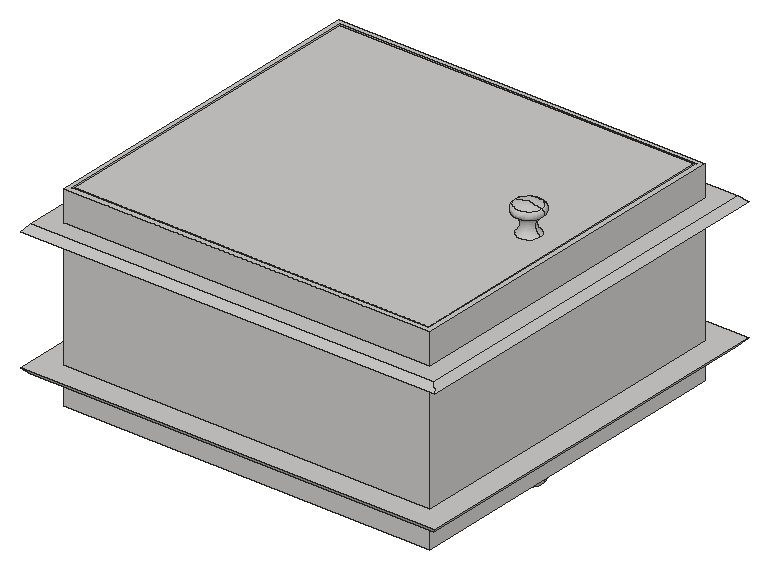
Revit family "Cabinet-Pass_Through-Bobrick-Recessed_Specimen-B-505", category Specialty Equipment, host Face, Revit 2016
Family settings
  Host = Face
  Part Type = Normal
  Round Connector Dimension = Use Diameter
  OmniClass Number = 23.40.00.00
  OmniClass Title = Equipment and Furnishings
  Cut with Voids When Loaded = No
  Shared = Yes
  Room Calculation Point = No
Parameters (values of type "B-505")
  Width = 12 3/4"
  URL = "http://www.bobrick.com/"
  Type Comments = ""
  Product Page URL = "http://products.bobrick.com/washroomaccessories/Pages/ProductDetails.aspx?Product+Number%3DB-505"
  Product Documentation Link = "https://www.bobrick.com/wp-content/uploads/B-505_td.pdf"
  Price = "Prices may vary. Please consult Manufacturer Representative for most up-to-date price list."  # constant formula
  Phone Number = "416-250-5656"  # constant formula
  Model = "B-505"
  Material = Stainless Steel-Bobrick-Type 304-Satin
  Manufacturer = "Bobrick"
  Length = 6"
  Installation Type = "Wall Mounted"
  Height = 12 1/16"
  Description = "B-505 Recessed Specimen Pass-Thru Cabinet"
  Default Elevation = 0"
  Creation Date = "5/22/20"  # constant formula
  Created By = "Allied Technical Solutions"  # constant formula
  Assembly Code = "E2010"
  ATS URL = "http://www.atsspec.net"
Reference planes (in)
  plane 1 "Center (Front/Back)": y = 0
  plane 2: z = 0
  plane 3 "Center (Left/Right)": x = 0
  plane 4: x = -6.375
  plane 5: x = -5.625
  plane 6: y = 5.28125
  plane 7: y = -5.28125
  plane 8: y = 6.03125
  plane 9: y = -6.03125
  plane 10: z = 1.125
  plane 11: z = -4.875
  plane 12: z = -1.875
Forms (in)
  Blend 1, solid, material "Stainless Steel-Bobrick-Type 304-Satin"
    base sketch origin (0, 0, 0) x (1, 0, 0) y (0, 1, 0)
      loop
        line (6.375, 6.03125) -> (-6.375, 6.03125) -> (-6.375, -6.03125) -> (6.375, -6.03125) -> (6.375, 6.03125)
    top sketch origin (0, 0, 0) x (1, 0, 0) y (0, 1, 0)
      loop
        line (6.1875, 5.84375) -> (-6.1875, 5.84375) -> (-6.1875, -5.84375) -> (6.1875, -5.84375) -> (6.1875, 5.84375)
    from 0 to 0.1875
  Extrusion 2, solid, material "Stainless Steel-Bobrick-Type 304-Satin"
    sketch origin (0, 0, 0.1875) x (1, 0, 0) y (0, 1, 0)
      loop
        line (5.625, 5.28125) -> (-5.625, 5.28125) -> (-5.625, -5.28125) -> (5.625, -5.28125) -> (5.625, 5.28125)
    from -5.0625 to 0.9375
  Revolve 3, solid, material "Stainless Steel-Bobrick-Type 304-Satin"
    sketch origin (0.30566, 0, 10.15977) x (1, 0, 0) y (0, 0, -1)
      loop
        arc (3.79462, 9.03477) -> (3.93018, 8.7381) -> (3.7406, 8.47269) r 0.3257
        arc (3.7406, 8.47269) -> (3.6703, 8.36301) -> (3.74161, 8.254) r 0.11984
        arc (3.74161, 8.254) -> (3.93517, 8.19152) -> (4.1375, 8.17065) r 0.9733
        line (4.1375, 8.17065) -> (4.1375, 9.03477) -> (3.79462, 9.03477)
      axis (4.1375, 9.03477) -> (4.1375, 8.17065)
    angle from 0 to 360
  Extrusion 4, void
    sketch origin (0, 0, 0) x (1, 0, 0) y (0, 1, 0)
      loop
        line (5.5, 5.15625) -> (-5.5, 5.15625) -> (-5.5, -5.15625) -> (5.5, -5.15625) -> (5.5, 5.15625)
      loop
        line (5.4375, 5.09375) -> (-5.4375, 5.09375) -> (-5.4375, -5.09375) -> (5.4375, -5.09375) -> (5.4375, 5.09375)
    from 1.00646 to 1.125
  Blend 5, solid, material "Stainless Steel-Bobrick-Type 304-Satin"
    base sketch origin (0, 0, -3.75) x (0, -1, 0) y (1, 0, 0)
      loop
        line (-6.03125, 6.375) -> (-6.03125, -6.375) -> (6.03125, -6.375) -> (6.03125, 6.375) -> (-6.03125, 6.375)
    top sketch origin (0, 0, -3.75) x (0, -1, 0) y (1, 0, 0)
      loop
        line (-5.84375, 6.1875) -> (-5.84375, -6.1875) -> (5.84375, -6.1875) -> (5.84375, 6.1875) -> (-5.84375, 6.1875)
    from 0 to -0.1875
  Revolve 6, solid, material "Stainless Steel-Bobrick-Type 304-Satin"
    sketch origin (0.30566, 0, -13.90977) x (1, 0, 0) y (0, 0, -1)
      loop
        line (3.79462, -9.03477) -> (4.1375, -9.03477) -> (4.1375, -8.17065)
        arc (4.1375, -8.17065) -> (3.93517, -8.19152) -> (3.74161, -8.254) r 0.9733
        arc (3.74161, -8.254) -> (3.6703, -8.36301) -> (3.7406, -8.47269) r 0.11984
        arc (3.7406, -8.47269) -> (3.93018, -8.7381) -> (3.79462, -9.03477) r 0.3257
      axis (4.1375, -9.03477) -> (4.1375, -8.17065)
    angle from 0 to 360
  Extrusion 7, void
    sketch origin (0, 0, -5.88146) x (0, -1, 0) y (1, 0, 0)
      loop
        line (-5.15625, 5.5) -> (-5.15625, -5.5) -> (5.15625, -5.5) -> (5.15625, 5.5) -> (-5.15625, 5.5)
      loop
        line (-5.09375, 5.4375) -> (-5.09375, -5.4375) -> (5.09375, -5.4375) -> (5.09375, 5.4375) -> (-5.09375, 5.4375)
    from 1.00646 to 1.125
  Extrusion 8, solid, material "Stainless Steel-Bobrick-Type 304-Satin"
    sketch origin (-16.46583, 5.28125, 10.73932) x (1, 0, 0) y (0, 0, -1)
      loop
        line (18.20349, 12.46582) -> (18.20349, 10.73932) -> (18.97817, 10.73932) -> (18.97817, 12.46582) -> (18.20349, 12.46582)
      loop
        circle (18.60512, 12.19626) r 0.12172
      loop
        line (15.25673, 12.75167) -> (15.25655, 14.47816) -> (14.48186, 14.47808) -> (14.48205, 12.75158) -> (15.25673, 12.75167)
      loop
        circle (14.85507, 13.02118) r 0.12172
    from 0 to 0.10091
Cuts and joins
  Extrusion 4 cuts Blend 1
  Extrusion 4, Extrusion 7 cuts Extrusion 2
  joined: Blend 1, Extrusion 2, Blend 5
Lines and regions (in)
  Masking region 1
    outline origin (0, 0, 0) x (1, 0, 0) y (0, 0, 1)
      loop
        line (6.375, 0) -> (6.1875, 0.1875) -> (5.625, 0.1875) -> (5.625, 1.125) -> (4.78603, 1.125)
        arc (4.78603, 1.125) -> (4.65048, 1.42167) -> (4.84006, 1.68708) r 0.3257
        arc (4.84006, 1.68708) -> (4.90992, 1.80653) -> (4.82059, 1.9122) r 0.11984
        arc (4.82059, 1.9122) -> (4.43326, 1.98909) -> (4.04727, 1.90577) r 0.9733
        arc (4.04727, 1.90577) -> (3.97596, 1.79675) -> (4.04626, 1.68708) r 0.11984
        arc (4.04626, 1.68708) -> (4.23584, 1.42167) -> (4.10029, 1.125) r 0.3257
        line (4.10029, 1.125) -> (-5.625, 1.125) -> (-5.625, 0.1875) -> (-6.1875, 0.1875) -> (-6.375, 0) -> (6.375, 0)
      loop
        line (6.375, -3.75) -> (-6.375, -3.75) -> (-6.1875, -3.9375) -> (-5.625, -3.9375) -> (-5.625, -4.875) -> (4.10029, -4.875)
        arc (4.10029, -4.875) -> (4.23584, -5.17167) -> (4.04626, -5.43708) r 0.3257
        arc (4.04626, -5.43708) -> (3.97596, -5.54675) -> (4.04727, -5.65577) r 0.11984
        arc (4.04727, -5.65577) -> (4.43326, -5.73909) -> (4.82059, -5.6622) r 0.9733
        arc (4.82059, -5.6622) -> (4.90992, -5.55653) -> (4.84006, -5.43708) r 0.11984
        arc (4.84006, -5.43708) -> (4.65048, -5.17167) -> (4.78603, -4.875) r 0.3257
        line (4.78603, -4.875) -> (5.625, -4.875) -> (5.625, -3.9375) -> (6.1875, -3.9375) -> (6.375, -3.75)
  symbolic lines
    curve 1: line (4.78603, 0, 1.125) -> (4.10029, 0, 1.125)
    curve 2: line (5.625, 0, 0.1875) -> (-5.625, 0, 0.1875)
    curve 3: line (-5.625, 0, -3.9375) -> (5.625, 0, -3.9375)
    curve 4: line (4.78603, 0, -4.875) -> (4.10029, 0, -4.875)
Dimensions and locks (in)
  aligned and locked: plane 2 to host face
  aligned and locked: level to host face
